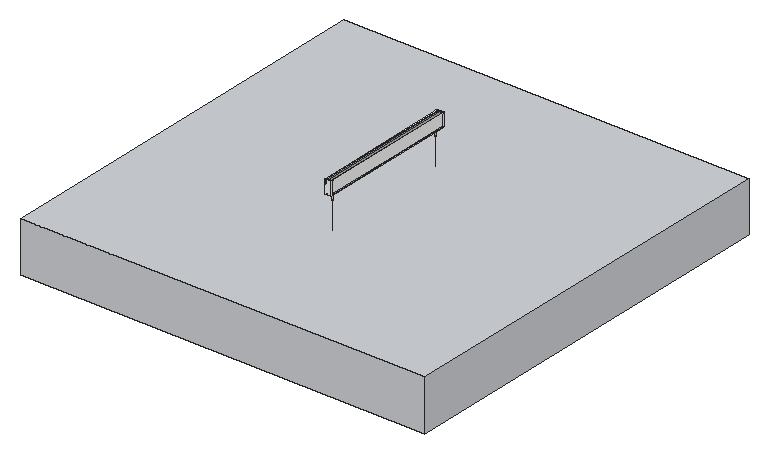
Revit family "LAMP_FIL 35 1120MM D-I OPAL", category Luminarias, Revit 2018
Family settings
  Anfitrión = Cara
  Cota de conector redondo = Diámetro de uso
  Tipo de pieza = Normal
  Corte con vacíos al cargar = No
  Origen de luz = Sí
  Compartido = No
  Punto de cálculo de habitación = No
Parameters (values of type "2245LM 3000K  BLACK")
  Ángulo de inclinación = -90.00°
  Weight = 2.65 kg
  Wattage = 14.04 W
  Type = "MID POWER TRIDONIC"
  built-in parameter 1150107 = 3000 (stored number, unit not read)
  NOT COVER 2 [instance] = not(END COVER 2)  # no
  NOT COVER 1 [instance] = not(END COVER 1)  # no
  Indirect light = LAMP_FIL 35 1120MM D-I OPAL_I : 3000K
  END COVER 2 [instance] = yes
  END COVER 1 [instance] = yes
  Suspension distance [instance] = if(Suspension > 4000 mm, 4000 mm, if(Suspension < 1 mm, 1 mm, Suspension))  # 200 mm
  Suspension [instance] = 200 mm
  built-in parameter 1150110 = 1 (stored number, unit not read)
  built-in parameter 1150109 = 1 (stored number, unit not read)
  built-in parameter 1150112 = 1 (stored number, unit not read)
  built-in parameter 1150113 = 1 (stored number, unit not read)
  built-in parameter 1114218 = 1 (stored number, unit not read)
  Protection rating = "IP20 / IK07"
  Product datasheet = "http://www.lamp.es/product-files/TECH/F31SF112LOIO830NB-EN.pdf"
  Product code = "F31SF112LOIO830NB"
  Product URL = "https://www.lamp.es/en/family/fil-35_413911"
  Power Supply = "220-240V 50/60Hz"
  Power = 18 W
  Plum = 23.4 W
  Photobiological risk = ""
  built-in parameter 1150137 = (empty or 0)
  built-in parameter 1150132 = 2
  Modelo = Product code  # "F31SF112LOIO830NB"
  Model Explanation = ""
  Material suspension = LAMP_Acero genérico
  Material perfil = LAMP_Aluminio Perfil Fil NG
  Material difusor = LAMP_PC Difusor Opal Fil
  Manufacturer name = "LAMP"
  Manufacturer country = "Spain"
  Manufacturer URL = "http://www.lamp.es/en"
  MacAdam = "3"
  Longitud de línea de emisión = 840 mm
  Last update = "14/05/2021"
  Lamp = "MID-POWER LED"
  LED Lifetime = "50.000 L90 B10"
  built-in parameter 1150105 = 107.19 (stored number, unit not read)
  built-in parameter 1150102 = (empty or 0)
  Insulation class = "I"
  Installation instructions = "https://www.lamp.es/product-files/INS/1004590-A%20INSTR.%20FIL35.pdf"
  built-in parameter 1150106 = 1.0719 (stored number, unit not read)
  IEE = "A+"
  Gear = "Electronic"
  Lumens = 1347 lm
  Finish = "Matte black RAL 9011"
  Color Filter = 16777215
  built-in parameter 1114217 = 1 (stored number, unit not read)
  built-in parameter 1150139 = (empty or 0)
  Fabricante = Manufacturer name  # "LAMP"
  Default Elevation = 1219.2 mm
  built-in parameter 1150104 = 8.9131 (stored number, unit not read)
  Efficacy = 95.9 lm/W
  Dimensions = "1120x35x80"
  Descripción = "FIL35 SUR 1120 3000 WW D/I OPAL BK."
  built-in parameter 1150115 = 1 (stored number, unit not read)
  built-in parameter 1150114 = 1 (stored number, unit not read)
  built-in parameter 1150138 = (empty or 0)
  built-in parameter 1150134 = 3
  Dimming Lamp Color Temperature Shift = (empty or 0)
  CRI = "80"
  Archivo de red fotométrica = "F31SF112LOIO830NB_D.IES"
  built-in parameter 1150133 = 10 (stored number, unit not read)
Types (12, lengths in mm): name | built-in parameter 1150107 | Indirect light | Product datasheet | Product code | Modelo | Material perfil | built-in parameter 1150105 | built-in parameter 1150106 | Lumens | Finish | built-in parameter 1150104 | Efficacy | Descripción | Archivo de red fotométrica
  2245LM 3000K DALI BLACK | 3000 (stored number, unit not read) | LAMP_FIL 35 1120MM D-I OPAL_I : 3000K | "http://www.lamp.es/product-files/TECH/F31SF112LOIO830DB-EN.pdf" | "F31SF112LOIO830DB" | "F31SF112LOIO830DB" | LAMP_Aluminio Perfil Fil NG | 107.19 (stored number, unit not read) | 1.0719 (stored number, unit not read) | 1347 lm | "Matte black RAL 9011" | 8.9131 (stored number, unit not read) | 95.9 lm/W | "FIL35 SUR 1120 1600 WW D/I OPAL DALI BK." | "F31SF112LOIO830NB_D.IES"
  2245LM 3000K DALI GREY | 3000 (stored number, unit not read) | LAMP_FIL 35 1120MM D-I OPAL_I : 3000K | "http://www.lamp.es/product-files/TECH/F31SF112LOIO830DG-EN.pdf" | "F31SF112LOIO830DG" | "F31SF112LOIO830DG" | LAMP_Aluminio Perfil Fil GR | 107.19 (stored number, unit not read) | 1.0719 (stored number, unit not read) | 1347 lm | "Gloss grey" | 8.9131 (stored number, unit not read) | 95.9 lm/W | "FIL35 SUR 1120 1600 WW D/I OPAL DALI GR." | "F31SF084LOIO830NB_D.IES"
  2245LM 3000K DALI WHITE | 3000 (stored number, unit not read) | LAMP_FIL 35 1120MM D-I OPAL_I : 3000K | "http://www.lamp.es/product-files/TECH/F31SF112LOIO830DW-EN.pdf" | "F31SF112LOIO830DW" | "F31SF112LOIO830DW" | LAMP_Aluminio Perfil Fil BL | 107.19 (stored number, unit not read) | 1.0719 (stored number, unit not read) | 1347 lm | "Matte white RAL 9010" | 8.9131 (stored number, unit not read) | 95.9 lm/W | "FIL35 SUR 1120 1600 WW D/I OPAL DALI WH." | "F31SF112LOIO830NB_D.IES"
  2245LM 3000K  BLACK | 3000 (stored number, unit not read) | LAMP_FIL 35 1120MM D-I OPAL_I : 3000K | "http://www.lamp.es/product-files/TECH/F31SF112LOIO830NB-EN.pdf" | "F31SF112LOIO830NB" | "F31SF112LOIO830NB" | LAMP_Aluminio Perfil Fil NG | 107.19 (stored number, unit not read) | 1.0719 (stored number, unit not read) | 1347 lm | "Matte black RAL 9011" | 8.9131 (stored number, unit not read) | 95.9 lm/W | "FIL35 SUR 1120 3000 WW D/I OPAL BK." | "F31SF112LOIO830NB_D.IES"
  2245LM 3000K  GREY | 3000 (stored number, unit not read) | LAMP_FIL 35 1120MM D-I OPAL_I : 3000K | "http://www.lamp.es/product-files/TECH/F31SF112LOIO830NG-EN.pdf" | "F31SF112LOIO830NG" | "F31SF112LOIO830NG" | LAMP_Aluminio Perfil Fil GR | 107.19 (stored number, unit not read) | 1.0719 (stored number, unit not read) | 1347 lm | "Gloss grey" | 8.9131 (stored number, unit not read) | 95.9 lm/W | "FIL35 SUR 1120 1600 WW D/I OPAL GR." | "F31SF112LOIO830NB_D.IES"
  2245LM 3000K  WHITE | 3000 (stored number, unit not read) | LAMP_FIL 35 1120MM D-I OPAL_I : 3000K | "http://www.lamp.es/product-files/TECH/F31SF112LOIO830NW-EN.pdf" | "F31SF112LOIO830NW" | "F31SF112LOIO830NW" | LAMP_Aluminio Perfil Fil BL | 107.19 (stored number, unit not read) | 1.0719 (stored number, unit not read) | 1347 lm | "Matte white RAL 9010" | 8.9131 (stored number, unit not read) | 95.9 lm/W | "FIL35 SUR 1120 1600 WW D/I OPAL WH." | "F31SF112LOIO830NB_D.IES"
  2364LM 4000K DALI BLACK | 4000 (stored number, unit not read) | LAMP_FIL 35 1120MM D-I OPAL_I : 4000K | "http://www.lamp.es/product-files/TECH/F31SF112LOIO840DB-EN.pdf" | "F31SF112LOIO840DB" | "F31SF112LOIO840DB" | LAMP_Aluminio Perfil Fil NG | 112.88 (stored number, unit not read) | 1.1288 (stored number, unit not read) | 1418.46 lm | "Matte black RAL 9011" | 9.386 (stored number, unit not read) | 101 lm/W | "FIL35 SUR 1120 1600 NW D/I OPAL DALI BK." | "F31SF112LOIO840NG_D.IES"
  2364LM 4000K DALI GREY | 4000 (stored number, unit not read) | LAMP_FIL 35 1120MM D-I OPAL_I : 4000K | "http://www.lamp.es/product-files/TECH/F31SF112LOIO840DG-EN.pdf" | "F31SF112LOIO840DG" | "F31SF112LOIO840DG" | LAMP_Aluminio Perfil Fil GR | 112.88 (stored number, unit not read) | 1.1288 (stored number, unit not read) | 1418.46 lm | "Gloss grey" | 9.386 (stored number, unit not read) | 101 lm/W | "FIL35 SUR 1120 1600 NW D/I OPAL DALI GR." | "F31SF112LOIO840NG_D.IES"
  2364LM 4000K DALI WHITE | 4000 (stored number, unit not read) | LAMP_FIL 35 1120MM D-I OPAL_I : 4000K | "http://www.lamp.es/product-files/TECH/F31SF112LOIO840DW-EN.pdf" | "F31SF112LOIO840DW" | "F31SF112LOIO840DW" | LAMP_Aluminio Perfil Fil BL | 112.88 (stored number, unit not read) | 1.1288 (stored number, unit not read) | 1418.46 lm | "Matte white RAL 9010" | 9.386 (stored number, unit not read) | 101 lm/W | "FIL35 SUR 1120 1600 NW D/I OPAL DALI WH." | "F31SF112LOIO840NG_D.IES"
  2364LM 4000K  BLACK | 4000 (stored number, unit not read) | LAMP_FIL 35 1120MM D-I OPAL_I : 4000K | "http://www.lamp.es/product-files/TECH/F31SF112LOIO840NB-EN.pdf" | "F31SF112LOIO840NB" | "F31SF112LOIO840NB" | LAMP_Aluminio Perfil Fil NG | 112.88 (stored number, unit not read) | 1.1288 (stored number, unit not read) | 1418.46 lm | "Matte black RAL 9011" | 9.386 (stored number, unit not read) | 101 lm/W | "FIL35 SUR 1120 1600 NW D/I OPAL BK." | "F31SF112LOIO840NG_D.IES"
  2364LM 4000K  GREY | 4000 (stored number, unit not read) | LAMP_FIL 35 1120MM D-I OPAL_I : 4000K | "http://www.lamp.es/product-files/TECH/F31SF112LOIO840NG-EN.pdf" | "F31SF112LOIO840NG" | "F31SF112LOIO840NG" | LAMP_Aluminio Perfil Fil GR | 112.88 (stored number, unit not read) | 1.1288 (stored number, unit not read) | 1418.46 lm | "Gloss grey" | 9.386 (stored number, unit not read) | 101 lm/W | "FIL35 SUR 1120 1600 NW D/I OPAL GR." | "F31SF112LOIO840NG_D.IES"
  2364LM 4000K  WHITE | 4000 (stored number, unit not read) | LAMP_FIL 35 1120MM D-I OPAL_I : 4000K | "http://www.lamp.es/product-files/TECH/F31SF112LOIO840NW-EN.pdf" | "F31SF112LOIO840NW" | "F31SF112LOIO840NW" | LAMP_Aluminio Perfil Fil BL | 112.88 (stored number, unit not read) | 1.1288 (stored number, unit not read) | 1418.46 lm | "Matte white RAL 9010" | 9.386 (stored number, unit not read) | 101 lm/W | "FIL35 SUR 1120 1600 NW D/I OPAL WH." | "F31SF112LOIO840NG_D.IES"
Reference planes
  plane 1 "Centro (Frontal/Posterior)": y = 0
  plane 2: z = 0
  plane 3 "Centro (Izquierda/Derecha)": x = 0
Forms (mm)
  Extrusion 1, solid
    sketch origin (0, 0, 0) x (1, 0, 0) y (0, 1, 0)
      loop
        line (-1219.2, 1219.2) -> (-1219.2, -1219.2) -> (1219.2, -1219.2) -> (1219.2, 1219.2) -> (-1219.2, 1219.2)
    from 0 to -304.8
  Extrusion 2, solid, material "LAMP_Aluminio Perfil Fil NG" <- "Material perfil"
    sketch origin (0, 0, 0) x (1, 0, 0) y (0, 0, 1)
      loop
        arc (17.75, 285.7) -> (16.75, 286.7) -> (15.75, 285.7) r 1
        line (15.75, 285.7) -> (15.75, 284.2) -> (13.95, 284.2) -> (13.95, 259) -> (0, 259) -> (-13.95, 259) -> (-13.95, 284.2) -> (-15.75, 284.2) -> (-15.75, 285.7)
        arc (-15.75, 285.7) -> (-16.75, 286.7) -> (-17.75, 285.7) r 1
        line (-17.75, 285.7) -> (-17.75, 206.5) -> (-16.75, 206.5) -> (-16.75, 209.7) -> (-12.5, 209.7) -> (-12.5, 207.7) -> (-14.8, 207.7) -> (-13.6, 206.5) -> (-11, 206.5) -> (-11, 214.5) -> (0, 214.5) -> (11, 214.5) -> (11, 206.5) -> (13.6, 206.5) -> (14.8, 207.7) -> (12.5, 207.7) -> (12.5, 209.7) -> (16.75, 209.7) -> (16.75, 206.5) -> (17.75, 206.5) -> (17.75, 285.7)
    from -420 to 420
  Extrusion 3, solid, material "LAMP_Acero genérico" <- "Material suspension"
    sketch origin (0, 0, 0) x (1, 0, 0) y (0, 0, 1)
      loop
        line (-12.5, 201) -> (-15.291, 208.272) -> (-13.251, 209.7) -> (-14.251, 209.7) -> (-16.291, 208.272) -> (-13.116, 200) -> (0, 200) -> (13.116, 200) -> (16.291, 208.272) -> (14.251, 209.7) -> (13.251, 209.7) -> (15.291, 208.272) -> (12.5, 201) -> (0, 201) -> (-12.5, 201)
    from -400 to -378
  Extrusion 4, solid, material "LAMP_Acero genérico" <- "Material suspension"
    sketch origin (0, -24, 0) x (1, 0, 0) y (0, 1, 0)
      loop
        circle (0, -365) r 5
    from 163.2 to 200
  Extrusion 5, solid, material "LAMP_Acero genérico" <- "Material suspension"
    sketch origin (0, 24, 0) x (1, 0, 0) y (0, 1, 0)
      loop
        circle (0, 365) r 5
    from 163.2 to 200
  Extrusion 6, solid, material "LAMP_Acero genérico" <- "Material suspension"
    sketch origin (0, 0, 0) x (1, 0, 0) y (0, 1, 0)
      loop
        circle (0, -389) r 1
    from 0 to 163.2
  Extrusion 7, solid, material "LAMP_Acero genérico" <- "Material suspension"
    sketch origin (0, 0, 0) x (1, 0, 0) y (0, 1, 0)
      loop
        circle (0, 389) r 1
    from 0 to 163.2
  Extrusion 8, solid, material "LAMP_PC Difusor Opal Fil" <- "Material difusor"
    sketch origin (0, 0, -200) x (1, 0, 0) y (0, 0, 1)
      loop
        line (-15.75, 484.2) -> (0, 484.2) -> (15.75, 484.2) -> (15.75, 486.7) -> (0, 486.7) -> (-15.75, 486.7) -> (-15.75, 484.2)
    from 420 to -420
  Extrusion 9, solid, material "LAMP_Acero genérico" <- "Material suspension"
    sketch origin (0, 0, 0) x (1, 0, 0) y (0, 0, -1)
      loop
        line (-12.5, -201) -> (0, -201) -> (12.5, -201) -> (15.291, -208.272) -> (13.251, -209.7) -> (14.251, -209.7) -> (16.291, -208.272) -> (13.116, -200) -> (0, -200) -> (-13.116, -200) -> (-16.291, -208.272) -> (-14.251, -209.7) -> (-13.251, -209.7) -> (-15.291, -208.272) -> (-12.5, -201)
    from -400 to -378
  Extrusion 10, solid, material "LAMP_PC Difusor Opal Fil" <- "Material difusor"
    sketch origin (0, 0, 0) x (1, 0, 0) y (0, 0, 1)
      loop
        line (-11, 214.5) -> (-11, 206.5) -> (-7.529, 206.5) -> (11, 206.5) -> (11, 214.5) -> (10, 214.5) -> (10, 207.5) -> (-10, 207.5) -> (-10, 214.5) -> (-11, 214.5)
    from 420 to -420
Lines and regions (mm)
  reference lines
    curve 1: line (0, -445.47, 200) -> (0, 544.53, 200)
Text (mm)
  text "Any modification of the parameters and properties of the LAMP BIM models must be executed and validated by the LAMP technical department.\nPhone: +34 93 736 68 00\nE-mail: lamp@lamp.es\n\nLAMP reserves the right to modify the technical specifications of its products." at (3279.264, 5298.162, -2684.539), in view "Preview"
Dimensions and locks
  "Suspension distance": level to curve 1
  locked: Extrusion 4 to Extrusion 4 at 36.8
  locked: Extrusion 5 to Extrusion 5 at 36.8
  aligned and locked: plane 2 to Extrusion 1
  aligned and locked: level to Extrusion 1
  aligned and locked: curve 1 to Extrusion 9
  aligned and locked: curve 1 to Extrusion 3
  aligned and locked: Extrusion 4 to curve 1
  aligned and locked: Extrusion 5 to curve 1
  aligned and locked: Extrusion 6 to Extrusion 4
  aligned and locked: Extrusion 7 to Extrusion 5
  aligned and locked: Extrusion 2 to Extrusion 9
  aligned and locked: Extrusion 10 to Extrusion 2
  aligned and locked: Extrusion 8 to Extrusion 2
  aligned and locked: imposter light to Extrusion 8
  aligned and locked: Extrusion 2 to nested 1
  aligned and locked: nested 2 to Extrusion 2
Automatic sketch dimensions
  Extrusion 1 sketch curve to Extrusion 1 sketch curve = 2438.4 mm  (x2)
  Extrusion 4 sketch curve to plane 3 "Centro (Izquierda/Derecha)" = 0 mm
  plane 1 "Centro (Frontal/Posterior)" to Extrusion 4 sketch curve = 389 mm
  Extrusion 5 sketch curve to plane 3 "Centro (Izquierda/Derecha)" = 0 mm
  plane 1 "Centro (Frontal/Posterior)" to Extrusion 5 sketch curve = 389 mm
  Extrusion 6 sketch curve to plane 3 "Centro (Izquierda/Derecha)" = 0 mm
  plane 1 "Centro (Frontal/Posterior)" to Extrusion 6 sketch curve = 389 mm
  Extrusion 7 sketch curve to plane 3 "Centro (Izquierda/Derecha)" = 0 mm
  plane 1 "Centro (Frontal/Posterior)" to Extrusion 7 sketch curve = 389 mm
  Extrusion 10 sketch curve to plane 3 "Centro (Izquierda/Derecha)" = 11 mm
  Extrusion 10 sketch curve to Extrusion 10 sketch curve = 1 mm  (x3)
  Extrusion 10 sketch curve to Extrusion 10 sketch curve = 2.471 mm
  plane 3 "Centro (Izquierda/Derecha)" to Extrusion 10 sketch curve = 10 mm
  level to Extrusion 10 sketch curve = 206.5 mm
  Extrusion 10 sketch curve to Extrusion 10 sketch curve = 7 mm  (x2)
  Extrusion 2 sketch curve to plane 3 "Centro (Izquierda/Derecha)" = 0 mm  (x2)
  Extrusion 2 sketch curve to Extrusion 2 sketch curve = 11 mm
  Extrusion 2 sketch curve to Extrusion 2 sketch curve = 1.5 mm  (x4)
  Extrusion 2 sketch curve to Extrusion 2 sketch curve = 1.1 mm  (x2)
  Extrusion 2 sketch curve to plane 3 "Centro (Izquierda/Derecha)" = 13.95 mm
  Extrusion 2 sketch curve to Extrusion 2 sketch curve = 1.2 mm  (x4)
  Extrusion 2 sketch curve to Extrusion 2 sketch curve = 1.8 mm  (x2)
  Extrusion 2 sketch curve to Extrusion 2 sketch curve = 1 mm  (x3)
  plane 3 "Centro (Izquierda/Derecha)" to Extrusion 2 sketch curve = 11 mm
  plane 3 "Centro (Izquierda/Derecha)" to Extrusion 2 sketch curve = 13.95 mm
  Extrusion 2 sketch curve to Extrusion 2 sketch curve = 1.95 mm
  level to Extrusion 2 sketch curve = 206.5 mm
  Extrusion 2 sketch curve to Extrusion 2 sketch curve = 0 mm  (x3)
  Extrusion 2 sketch curve to Extrusion 2 sketch curve = 2 mm  (x2)
  Extrusion 2 sketch curve to Extrusion 2 sketch curve = 4.8 mm
  Extrusion 2 sketch curve to Extrusion 2 sketch curve = 44.5 mm
  Extrusion 2 sketch curve to Extrusion 2 sketch curve = 25.2 mm
  Extrusion 2 sketch curve to Extrusion 2 sketch curve = 26.7 mm
  Extrusion 8 sketch curve to plane 3 "Centro (Izquierda/Derecha)" = 0 mm  (x2)
  Extrusion 8 sketch curve to Extrusion 8 sketch curve = 15.75 mm
  plane 3 "Centro (Izquierda/Derecha)" to Extrusion 8 sketch curve = 15.75 mm
  level to Extrusion 8 sketch curve = 284.2 mm
  Extrusion 9 sketch curve to plane 3 "Centro (Izquierda/Derecha)" = 0 mm  (x2)
  Extrusion 9 sketch curve to Extrusion 9 sketch curve = 12.5 mm
  Extrusion 9 sketch curve to Extrusion 9 sketch curve = 0.616 mm  (x2)
  Extrusion 9 sketch curve to Extrusion 9 sketch curve = 0.751 mm  (x2)
  Extrusion 9 sketch curve to Extrusion 9 sketch curve = 1 mm  (x5)
  Extrusion 9 sketch curve to Extrusion 9 sketch curve = 1.04 mm  (x2)
  plane 3 "Centro (Izquierda/Derecha)" to Extrusion 9 sketch curve = 12.5 mm
  level to Extrusion 9 sketch curve = 209.7 mm
  Extrusion 9 sketch curve to Extrusion 9 sketch curve = 0 mm  (x3)
  Extrusion 9 sketch curve to Extrusion 9 sketch curve = 1.428 mm  (x2)
  Extrusion 9 sketch curve to Extrusion 9 sketch curve = 7.272 mm
  Extrusion 3 sketch curve to plane 3 "Centro (Izquierda/Derecha)" = 0 mm  (x2)
  Extrusion 3 sketch curve to Extrusion 3 sketch curve = 12.5 mm
  Extrusion 3 sketch curve to Extrusion 3 sketch curve = 0.616 mm  (x2)
  Extrusion 3 sketch curve to Extrusion 3 sketch curve = 0.751 mm  (x2)
  Extrusion 3 sketch curve to Extrusion 3 sketch curve = 1 mm  (x5)
  Extrusion 3 sketch curve to Extrusion 3 sketch curve = 1.04 mm  (x2)
  plane 3 "Centro (Izquierda/Derecha)" to Extrusion 3 sketch curve = 12.5 mm
  level to Extrusion 3 sketch curve = 200 mm
  Extrusion 3 sketch curve to Extrusion 3 sketch curve = 7.272 mm  (x2)
  Extrusion 3 sketch curve to Extrusion 3 sketch curve = 0 mm  (x2)
  Extrusion 3 sketch curve to Extrusion 3 sketch curve = 1.428 mm  (x2)
  Extrusion 8 sketch curve to Extrusion 8 sketch curve = 2.5 mm
  plane 1 "Centro (Frontal/Posterior)" to curve 1 = 445.47 mm
  curve 1 to plane 1 "Centro (Frontal/Posterior)" = 544.53 mm
  radius of Extrusion 4 sketch curve = 5 mm
  radius of Extrusion 5 sketch curve = 5 mm
  radius of Extrusion 6 sketch curve = 1 mm
  radius of Extrusion 7 sketch curve = 1 mm
Nested families
  nested 1: "LAMP_FIL 35 END COVER SURFACE" at (0, -421.4, 206.5), visible <- "END COVER 1", type "Blanco"
  nested 2: "LAMP_FIL 35 END COVER SURFACE" at (0, 421.4, 206.5), visible <- "END COVER 2", type "Blanco"
  nested 3: "LAMP_FIL 35 1120MM D-I OPAL_I" at (0, 0.016, -1285.5), type "3000K"
Connectors
  electrical at (0, 389, 200)
    settings: on Extrusion 5, index 1, voltage 230 V, apparent load 0 VA, apparent load phase1 0 VA, apparent load phase2 0 VA, apparent load phase3 0 VA, power factor 1, load classification "Otro", number of poles 1, system type 31, power factor state 1, is connector primary yes, connector utility no, sub classification motor no, connector description ""
Definition of nested family "LAMP_FIL 35 END COVER SURFACE"
  Parameters (values of type "Blanco")
    Material tapa = none
  Reference planes
    plane 1 "Centro (Frontal/Posterior)": y = 0
    plane 2: z = 0
    plane 3 "Centro (Izquierda/Derecha)": x = 0
  Forms (mm)
    Extrusion 1, solid, material <- "Material tapa"
      sketch origin (0, 0, 0) x (0, -1, 0) y (0, 0, 1)
        loop
          line (0, 0) -> (1.4, 0) -> (1.4, 80.5) -> (-1.4, 80.5) -> (-1.4, 0) -> (0, 0)
      from -17.8 to 17.8
  Dimensions and locks
    aligned and locked: level to plane 2
Definition of nested family "LAMP_FIL 35 1120MM D-I OPAL_I"
  Parameters (values of type "3000K")
    Tilt Angle = -90.00°
    Wattage = 9.36 W
    built-in parameter 1150110 = 1 (stored number, unit not read)
    built-in parameter 1114217 = 1 (stored number, unit not read)
    built-in parameter 1150109 = 1 (stored number, unit not read)
    built-in parameter 1150134 = (empty or 0)
    built-in parameter 1150113 = 1 (stored number, unit not read)
    Lumens = 897.998 lm
    built-in parameter 1150115 = 1 (stored number, unit not read)
    built-in parameter 1150105 = 71.46 (stored number, unit not read)
    built-in parameter 1150137 = (empty or 0)
    built-in parameter 1150139 = (empty or 0)
    built-in parameter 1150112 = 1 (stored number, unit not read)
    built-in parameter 1150114 = 1 (stored number, unit not read)
    built-in parameter 1150132 = 2
    built-in parameter 1150102 = (empty or 0)
    built-in parameter 1150138 = (empty or 0)
    built-in parameter 1150107 = 3000 (stored number, unit not read)
    built-in parameter 1150106 = 0.7146 (stored number, unit not read)
    built-in parameter 1150104 = 8.9131 (stored number, unit not read)
    Dimming Lamp Color Temperature Shift = (empty or 0)
    Color Filter = 16777215
    built-in parameter 1114218 = 1 (stored number, unit not read)
    Photometric Web File = "F31SF112LOIO830NB_I.IES"
    built-in parameter 1150133 = 10 (stored number, unit not read)
  Types (3, lengths in mm): name | built-in parameter 1150134 | Lumens | built-in parameter 1150105 | built-in parameter 1150107 | built-in parameter 1150106 | built-in parameter 1150104 | Photometric Web File
    (no name) | (empty or 0) | 897.998 lm | 71.46 (stored number, unit not read) | 3000 (stored number, unit not read) | 0.7146 (stored number, unit not read) | 8.9131 (stored number, unit not read) | "F31SF112LOIO830NB_I.IES"
    3000K | (empty or 0) | 897.998 lm | 71.46 (stored number, unit not read) | 3000 (stored number, unit not read) | 0.7146 (stored number, unit not read) | 8.9131 (stored number, unit not read) | "F31SF112LOIO830NB_I.IES"
    4000K | 12 | 945.641 lm | 75.252 (stored number, unit not read) | 4000 (stored number, unit not read) | 0.75252 (stored number, unit not read) | 9.386 (stored number, unit not read) | "F31SF112LOIO840NG_I.IES"
  Reference planes
    plane 1 "Eje de origen de luz (F/P)": y = 0
    plane 2: z = 0
    plane 3 "Eje de origen de luz (I/D)": x = 0
    plane 4 "Elevación de origen de luz": z = 1500
  Dimensions and locks
    aligned and locked: plane 3 "Eje de origen de luz (I/D)" to imposter light
    aligned and locked: plane 1 "Eje de origen de luz (F/P)" to imposter light
    aligned and locked: plane 4 "Elevación de origen de luz" to imposter light
    aligned and locked: level to plane 2
